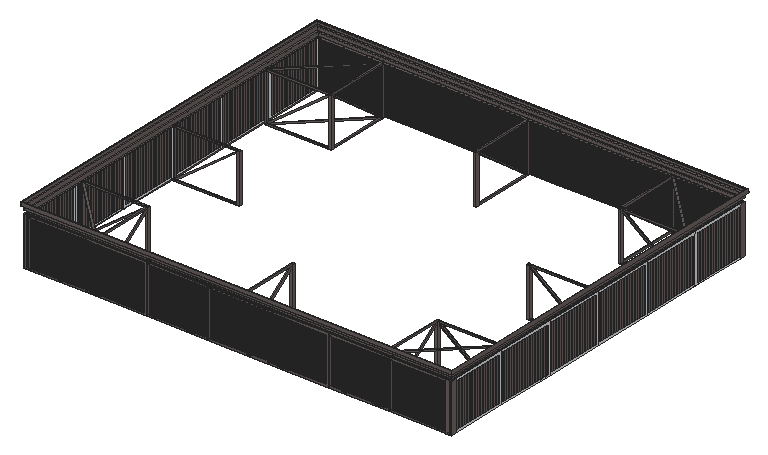
Revit family "Rooftop_Screen-CityScapes-Envisor", category Specialty Equipment, Revit 2021
Family settings
  Round Connector Dimension = Use Diameter
  Part Type = Normal
  Work Plane-Based = No
  Always vertical = Yes
  Cut with Voids When Loaded = No
  Shared = No
  Room Calculation Point = No
Parameters (values of type "4.0 CORRUGATED VERTICAL SOLID")
  URL = "https://cityscapesinc.com/products/envisor"
  Type Comments = "Envisor Screening Systems"
  TopTrim_LinealBand [instance] = no
  TopTrim_Cove [instance] = no
  TopTrim_Alamo [instance] = no
  TopTrim_2Step [instance] = no
  TopRailViz [instance] = no
  TopTrim_3Step [instance] = yes
  System_Width = SpacingWidth * Panel_Length  # 26' - 3"
  System_Length = SpacingLength * Panel_Length  # 22' - 6"
  Specification = "https://www.arcat.com/company/cityscapes-international-inc-40042/spec"
  SpacingWidth = 7
  SpacingLength = 6
  SOLID PANEL VIZ = no
  RIBBED VIZ = no
  RIBBED VERT VIZ = no
  Product Page URL = "https://www.arcat.com/arcatcos/cos40/arc40042.html"
  Panel_Width = 0' - 2"
  Panel_Length = 3' - 9"
  Panel_Height = 3' - 0"
  Model = "Envisor"  # constant formula
  MidpanTrussViz [instance] = yes
  Manufacturer = "CityScapes"  # constant formula
  MATERIAL = DARK BRONZE
  LOUVRE VIZ = no
  Keynote = "10 82 13"
  FRAME WIDTH = 0' - 1 19/128"
  FRAME VIZ = yes
  FRAME MATERIAL = DARK BRONZE
  Description = "Adjustable Rooftop Mechanical Screen"
  Default Elevation = 0' - 0"
  CornerFrameSystemDim = 4' - 0"
  CornerFrameViz [instance] = yes
  Copyright = "© 2023 ARCAT"  # constant formula
  CAD Details = "https://www.arcat.com/company/cityscapes-international-inc-40042/cad"
  BottomRailViz [instance] = no
  BATTEN VIZ = no
  ABS_PANEL = no
  7.2 RIBBED VIZ = no
  7.2 CORRUGATED = no
  7.2 CORR VERT = no
  4.0 CORR VERT = yes
  4.0 CORR HORT = no
Reference planes (in)
  plane 1 "Center (Front/Back)": y = 0
  plane 2 "SystemBase": z = 0
  plane 3 "Center (Left/Right)": x = 0
  plane 4 "SystemRight": x = 157.5
  plane 5 "SystemLeft": x = -157.5
  plane 6 "systemTop": z = 36
  plane 7 "SystemTop": y = 142
  plane 8 "SystemBottom": y = -141
  plane 9 "RailNorth": y = 135
  plane 10 "RailSouth": y = -135
  plane 11: x = -163.5
  plane 12: x = 163.5
  plane 13: y = 85
  plane 14: y = -85
  plane 15: x = -107.5
  plane 16: x = 107.5
  plane 17 "TopRail": z = 36
  plane 18: x = -155.5
  plane 19: x = 155.5
  plane 20 "FrameTop": y = 133
  plane 21 "FrameBottom": y = -133
  plane 22: y = 72
Forms (in)
  Sweep 1, solid, material "DARK BRONZE" <- "FRAME MATERIAL", visible <- "BottomRailViz"
    path in 3D
      loop
        line (-157.5, -135, 0) -> (157.5, -135, 0) -> (157.5, 135, 0) -> (-157.5, 135, 0) -> (-157.5, -135, 0)
    profile "FrameProfile : FrameProfile" origin (-157.5, 0, 0) x (1, 0, 0) y (0, 0, 1)
      loop
        line (2.53176, -0.50789) -> (2.53176, 1.11711) -> (2.2607, 1.11711) -> (2.22617, 0.98825) -> (2.40675, 1.02009) -> (2.40675, -0.38289) -> (1.80676, -0.38289) -> (1.80676, 1.02009) -> (1.98734, 0.98825) -> (1.95281, 1.11711) -> (1.68176, 1.11711) -> (1.68176, -0.38289) -> (0.43176, -0.38289) -> (0.43176, 1.11711) -> (0.1607, 1.11711) -> (0.12618, 0.98825) -> (0.30676, 1.02009) -> (0.30676, -0.38289) -> (-0.29324, -0.38289) -> (-0.29324, 1.02009) -> (-0.11266, 0.98825) -> (-0.14719, 1.11711) -> (-0.41824, 1.11711) -> (-0.41824, -0.50789) -> (1.7464, -0.50789) -> (1.7464, -1.64289) -> (0.66926, -1.64289) -> (0.66926, -1.76793) -> (2.4664, -1.76793) -> (2.4664, -1.67293) -> (1.8714, -1.67293) -> (1.8714, -0.50789) -> (2.53176, -0.50789)
  Sweep 2, solid, material "DARK BRONZE" <- "FRAME MATERIAL", visible <- "TopRailViz"
    path in 3D
      loop
        line (-157.5, 135, 36) -> (157.5, 135, 36) -> (157.5, -135, 36) -> (-157.5, -135, 36) -> (-157.5, 135, 36)
    profile "FrameProfile : FrameProfile" origin (-157.5, 0, 36) x (-1, 0, 0) y (0, 0, 1)
      loop
        line (-2.5552, 0.75789) -> (-2.5552, -0.86711) -> (-2.28414, -0.86711) -> (-2.24961, -0.73825) -> (-2.43019, -0.77009) -> (-2.43019, 0.63289) -> (-1.83019, 0.63289) -> (-1.83019, -0.77009) -> (-2.01078, -0.73825) -> (-1.97625, -0.86711) -> (-1.70519, -0.86711) -> (-1.70519, 0.63289) -> (-0.45519, 0.63289) -> (-0.45519, -0.86711) -> (-0.18414, -0.86711) -> (-0.14961, -0.73825) -> (-0.33019, -0.77009) -> (-0.33019, 0.63289) -> (0.2698, 0.63289) -> (0.2698, -0.77009) -> (0.08922, -0.73825) -> (0.12375, -0.86711) -> (0.3948, -0.86711) -> (0.3948, 0.75789) -> (-1.76984, 0.75789) -> (-1.76984, 1.89289) -> (-0.69269, 1.89289) -> (-0.69269, 2.01793) -> (-2.48984, 2.01793) -> (-2.48984, 1.92293) -> (-1.89484, 1.92293) -> (-1.89484, 0.75789) -> (-2.5552, 0.75789)
  Sweep 3, solid, material "DARK BRONZE" <- "FRAME MATERIAL", visible <- "TopTrim_3Step"
    path in 3D
      loop
        line (-157.5, 135, 36) -> (157.5, 135, 36) -> (157.5, -135, 36) -> (-157.5, -135, 36) -> (-157.5, 135, 36)
    profile "TopProfile_3 Step : TopProfile_3 Step" origin (-157.5, 0, 36) x (-1, 0, 0) y (0, 0, 1)
      loop
        line (-2, 0.09375) -> (-0.25, 0.09375) -> (-0.25, 2.75) -> (1.125, 2.75) -> (1.125, 5.375) -> (2.5625, 5.375) -> (2.5625, 8.0625) -> (2.0625, 8.0625) -> (2.0625, 8.03125) -> (2.53125, 8.03125) -> (2.53125, 5.40625) -> (1.09375, 5.40625) -> (1.09375, 2.78125) -> (-0.28125, 2.78125) -> (-0.28125, 0.125) -> (-2, 0.125) -> (-2, 0.09375)
  Sweep 4, solid, material "DARK BRONZE" <- "FRAME MATERIAL"
    path in 3D
      loop
        line (-157.5, -135, 0) -> (-157.5, -135, 36)
    profile "CornerCapProfile : CornerCapProfile" origin (-157.5, -135, 18) x (-1, 0, 0) y (0, -1, 0)
      loop
        line (1.125, -2.875) -> (1.125, 1.125) -> (-2.875, 1.125) -> (-2.875, 1) -> (1, 1) -> (1, -2.875) -> (1.125, -2.875)
  Sweep 5, solid, material "DARK BRONZE" <- "FRAME MATERIAL"
    path in 3D
      loop
        line (-157.5, 135, 36) -> (-157.5, 135, 0)
    profile "CornerCapProfile : CornerCapProfile" origin (-157.5, 135, 18) x (1, 0, 0) y (0, -1, 0)
      loop
        line (-1.125, 2.875) -> (-1.125, -1.125) -> (2.875, -1.125) -> (2.875, -1) -> (-1, -1) -> (-1, 2.875) -> (-1.125, 2.875)
  Sweep 6, solid, material "DARK BRONZE" <- "FRAME MATERIAL"
    path in 3D
      loop
        line (157.5, 135, 36) -> (157.5, 135, 0)
    profile "CornerCapProfile : CornerCapProfile" origin (157.5, 135, 18) x (1, 0, 0) y (0, -1, 0)
      loop
        line (-2.875, -1.125) -> (1.125, -1.125) -> (1.125, 2.875) -> (1, 2.875) -> (1, -1) -> (-2.875, -1) -> (-2.875, -1.125)
  Sweep 7, solid, material "DARK BRONZE" <- "FRAME MATERIAL"
    path in 3D
      loop
        line (157.5, -135, 0) -> (157.5, -135, 36)
    profile "CornerCapProfile : CornerCapProfile" origin (157.5, -135, 18) x (-1, 0, 0) y (0, -1, 0)
      loop
        line (2.875, 1.125) -> (-1.125, 1.125) -> (-1.125, -2.875) -> (-1, -2.875) -> (-1, 1) -> (2.875, 1) -> (2.875, 1.125)
  Sweep 8, solid, material "DARK BRONZE" <- "FRAME MATERIAL", visible <- "TopTrim_2Step"
    path in 3D
      loop
        line (-157.5, 135, 36) -> (157.5, 135, 36) -> (157.5, -135, 36) -> (-157.5, -135, 36) -> (-157.5, 135, 36)
    profile "TopProfile_2 Step : TopProfile_2 Step" origin (-157.5, 0, 36) x (-1, 0, 0) y (0, 0, 1)
      loop
        line (-1.875, 0) -> (1.125, 0) -> (1.125, 2.75) -> (2.625, 2.75) -> (2.625, 5.5) -> (1.125, 5.5) -> (1.125, 5.46875) -> (2.59375, 5.46875) -> (2.59375, 2.78125) -> (1.09375, 2.78125) -> (1.09375, 0.03125) -> (-1.875, 0.03125) -> (-1.875, 0)
  Sweep 9, solid, material "DARK BRONZE" <- "FRAME MATERIAL", visible <- "TopTrim_Alamo"
    path in 3D
      loop
        line (-157.5, 135, 36) -> (157.5, 135, 36) -> (157.5, -135, 36) -> (-157.5, -135, 36) -> (-157.5, 135, 36)
    profile "TopProfile_Alamo : TopProfile_Alamo" origin (-157.5, 0, 36) x (-1, 0, 0) y (0, 0, 1)
      loop
        line (-1.375, -0.5) -> (-0.125, -0.5) -> (1.43845, 4.58122) -> (1.43845, 5.18748) -> (2.28483, 5.18748) -> (2.28483, 6) -> (1.58723, 6) -> (1.58723, 5.96875) -> (2.25358, 5.96875) -> (2.25358, 5.21873) -> (1.4072, 5.21873) -> (1.4072, 4.58592) -> (-0.14808, -0.46875) -> (-1.375, -0.46875) -> (-1.375, -0.5)
  Sweep 10, solid, material "DARK BRONZE" <- "FRAME MATERIAL", visible <- "TopTrim_Cove"
    path in 3D
      loop
        line (-157.5, 135, 36) -> (157.5, 135, 36) -> (157.5, -135, 36) -> (-157.5, -135, 36) -> (-157.5, 135, 36)
    profile "TopProfile_Cove : TopProfile_Cove" origin (-157.5, 0, 36) x (-1, 0, 0) y (0, 0, 1)
      loop
        line (-1.375, -0.5) -> (-0.10731, -0.5)
        arc (-0.10731, -0.5) -> (-0.06742, 2.25922) -> (1.43845, 4.57164) r 4.96875
        line (1.43845, 4.57164) -> (1.43845, 5.18748) -> (2.28483, 5.18748) -> (2.28483, 6) -> (1.58723, 6) -> (1.58723, 5.96875) -> (2.25358, 5.96875) -> (2.25358, 5.21873) -> (1.4072, 5.21873) -> (1.4072, 4.58592)
        arc (1.4072, 4.58592) -> (-0.09342, 2.28104) -> (-0.14808, -0.46875) r 5
        line (-0.14808, -0.46875) -> (-1.375, -0.46875) -> (-1.375, -0.5)
  Sweep 11, solid, material "DARK BRONZE" <- "FRAME MATERIAL", visible <- "TopTrim_LinealBand"
    path in 3D
      loop
        line (-157.5, 135, 36) -> (157.5, 135, 36) -> (157.5, -135, 36) -> (-157.5, -135, 36) -> (-157.5, 135, 36)
    profile "TopProfile_LinearBand : TopProfile_LinearBand" origin (-157.5, 0, 36) x (-1, 0, 0) y (0, 0, 1)
      loop
        line (-0.375, 1.25) -> (1.125, 1.25) -> (1.125, 2.75) -> (1.125, 4.25) -> (0.875, 4.25) -> (0.875, 4.21875) -> (1.09375, 4.21875) -> (1.09375, 2.78125) -> (1.09375, 1.28125) -> (-0.375, 1.28125) -> (-0.375, 1.25)
Lines and regions (in)
  reference lines, style "System"
    curve 1: line (-157.5, -135, 0) -> (157.5, -135, 0)
    curve 2: line (157.5, 135, 0) -> (-157.5, 135, 0)
    curve 3: line (-157.5, 135, 0) -> (-157.5, -135, 0)
    curve 4: line (157.5, -135, 0) -> (157.5, 135, 0)
  sketch lines
    curve 5: line (-157.5, 135, 0) -> (-157.5, -135, 0)
    curve 6: line (157.5, 135, 0) -> (-157.5, 135, 0)
    curve 7: line (157.5, -135, 0) -> (157.5, 135, 0)
    curve 8: line (-157.5, -135, 0) -> (157.5, -135, 0)
    curve 13: line (-157.5, -135, 36) -> (-157.5, 135, 36)
    curve 14: line (-157.5, 135, 36) -> (157.5, 135, 36)
    curve 15: line (157.5, 135, 36) -> (157.5, -135, 36)
    curve 16: line (157.5, -135, 36) -> (-157.5, -135, 36)
    curve 21: line (-157.5, -135, 36) -> (-157.5, 135, 36)
    curve 22: line (-157.5, 135, 36) -> (157.5, 135, 36)
    curve 23: line (157.5, 135, 36) -> (157.5, -135, 36)
    curve 24: line (157.5, -135, 36) -> (-157.5, -135, 36)
    curve 27: line (-157.5, -135, 0) -> (-157.5, -135, 36)
    curve 30: line (-157.5, 135, 36) -> (-157.5, 135, 0)
    curve 31: line (157.5, 135, 36) -> (157.5, 135, 0)
    curve 32: line (157.5, -135, 0) -> (157.5, -135, 36)
    curve 33: line (-157.5, -135, 36) -> (-157.5, 135, 36)
    curve 34: line (-157.5, 135, 36) -> (157.5, 135, 36)
    curve 35: line (157.5, 135, 36) -> (157.5, -135, 36)
    curve 36: line (157.5, -135, 36) -> (-157.5, -135, 36)
    curve 37: line (-157.5, -135, 36) -> (-157.5, 135, 36)
    curve 38: line (-157.5, 135, 36) -> (157.5, 135, 36)
    curve 39: line (157.5, 135, 36) -> (157.5, -135, 36)
    curve 40: line (157.5, -135, 36) -> (-157.5, -135, 36)
    curve 41: line (-157.5, -135, 36) -> (-157.5, 135, 36)
    curve 42: line (-157.5, 135, 36) -> (157.5, 135, 36)
    curve 43: line (157.5, 135, 36) -> (157.5, -135, 36)
    curve 44: line (157.5, -135, 36) -> (-157.5, -135, 36)
    curve 45: line (-157.5, -135, 36) -> (-157.5, 135, 36)
    curve 46: line (-157.5, 135, 36) -> (157.5, 135, 36)
    curve 47: line (157.5, 135, 36) -> (157.5, -135, 36)
    curve 48: line (157.5, -135, 36) -> (-157.5, -135, 36)
  reference lines, style "SystemFrame"
    curve 9: line (-157.5, 135, 36) -> (157.5, 135, 36)
    curve 10: line (157.5, 135, 36) -> (157.5, -135, 36)
    curve 11: line (157.5, -135, 36) -> (-157.5, -135, 36)
    curve 12: line (-157.5, -135, 36) -> (-157.5, 135, 36)
    curve 19: line (157.5, -135, 36) -> (-157.5, -135, 36)
  reference lines
    curve 17: line (-157.5, 135, 36) -> (157.5, 135, 36)
    curve 18: line (157.5, 135, 36) -> (157.5, -135, 36)
    curve 20: line (-157.5, -135, 36) -> (-157.5, 135, 36)
    curve 25: line (-157.5, -135, 0) -> (-157.5, -135, 36)
    curve 26: line (157.5, -135, 0) -> (157.5, -135, 36)
    curve 28: line (157.5, 135, 36) -> (157.5, 135, 0)
    curve 29: line (-157.5, 135, 36) -> (-157.5, 135, 0)
Text (in)
  text "1. Specify Panel Length\n\tSystem Size Is determined by Panel Sizes.\n2. Specify Panel Height\n\tSystem Height is determined by Panel Sizes.\n3. Specify Corner Brace Diminsion.\n\tDelete formula in Brace family for non-uniform sizes\n4. All Panel Types are adjusted in Visibility Settings.\n\tAll objects besides panels can be turned off.\n5. Adjust Top Profile family and save new to change. " at (-98.75449, 41.77976, 0), in view "Ref. Level"
Dimensions and locks (in)
  "Panel_Height": plane 6 "systemTop" to plane 2 "SystemBase"
  "System_Length": plane 9 "RailNorth" to plane 10 "RailSouth"
  locked: plane 8 "SystemBottom" to plane 10 "RailSouth" at 6
  plane 7 "SystemTop" to plane 9 "RailNorth" = 0' - 7"  (x2)
  locked: plane 4 "SystemRight" to plane 12 at 6
  locked: plane 11 to plane 5 "SystemLeft" at 6
  equal spacing: plane 10 "RailSouth", plane 1 "Center (Front/Back)", plane 9 "RailNorth"  (x2)
  plane 5 "SystemLeft" to plane 3 "Center (Left/Right)" to plane 4 "SystemRight" = 13' - 1 1/2", 13' - 1 1/2"
  plane 16 to plane 19 = 4' - 0"  (x2)
  "Panel_Width": plane 19 to plane 4 "SystemRight"
  "Panel_Width": plane 10 "RailSouth" to plane 21 "FrameBottom"
  "CornerFrameSystemDim": plane 18 to plane 15
  "CornerFrameSystemDim": plane 16 to plane 19
  "Panel_Width": plane 20 "FrameTop" to plane 9 "RailNorth"
  "CornerFrameSystemDim": plane 20 "FrameTop" to plane 13
  "CornerFrameSystemDim": plane 14 to plane 21 "FrameBottom"
  "Panel_Width": plane 5 "SystemLeft" to plane 18
  plane 8 "SystemBottom" to plane 10 "RailSouth" = 0' - 6"
  plane 4 "SystemRight" to plane 12 = 0' - 6"
  plane 11 to plane 5 "SystemLeft" = 0' - 6"
  plane 5 "SystemLeft" to plane 4 "SystemRight" = 26' - 3"
  "System_Width": plane 5 "SystemLeft" to plane 4 "SystemRight"
  equal spacing: plane 5 "SystemLeft", plane 3 "Center (Left/Right)", plane 4 "SystemRight"
  equal spacing: group 1, group 3, group 4, group 5, group 6, group 25, group 2  (x3)
  equal spacing: group 7, group 9, group 10, group 11, group 12, group 26, group 8  (x3)
  equal spacing: group 13, group 15, group 16, group 17, group 23, group 14  (x2)
  equal spacing: group 14, group 23, group 17, group 16, group 15, group 13
  equal spacing: group 18, group 20, group 21, group 22, group 24, group 19  (x3)
  aligned and locked: plane 2 "SystemBase" to level
  aligned and locked: plane 10 "RailSouth" to curve 1
  aligned and locked: curve 2 to plane 9 "RailNorth"
  aligned and locked: plane 4 "SystemRight" to curve 2
  aligned and locked: plane 4 "SystemRight" to curve 4
  aligned and locked: nested 1 to plane 16
  aligned and locked: nested 1 to plane 13
  aligned and locked: plane 16 to nested 2
  aligned and locked: nested 2 to plane 14
  aligned and locked: plane 9 "RailNorth" to curve 9
  aligned and locked: curve 10 to plane 4 "SystemRight"
  aligned and locked: curve 11 to plane 10 "RailSouth"
  aligned and locked: plane 17 "TopRail" to plane 6 "systemTop"
  aligned and locked: nested 3 to plane 15
  aligned and locked: plane 13 to nested 3
  aligned and locked: plane 14 to nested 4
  aligned and locked: plane 15 to nested 4
  aligned and locked: plane 5 "SystemLeft" to curve 25
  aligned and locked: plane 17 "TopRail" to curve 25
  aligned and locked: plane 2 "SystemBase" to curve 25
  aligned and locked: plane 4 "SystemRight" to curve 26
  aligned and locked: curve 26 to plane 17 "TopRail"
  aligned and locked: plane 2 "SystemBase" to curve 26
  aligned and locked: plane 5 "SystemLeft" to curve 29
  aligned and locked: curve 29 to plane 17 "TopRail"
  aligned and locked: curve 29 to plane 2 "SystemBase"
  aligned and locked: plane 4 "SystemRight" to curve 28
  aligned and locked: plane 17 "TopRail" to curve 28
  aligned and locked: plane 2 "SystemBase" to curve 28
  aligned and locked: plane 10 "RailSouth" to nested 5
  aligned and locked: plane 5 "SystemLeft" to nested 5
  aligned and locked: plane 4 "SystemRight" to nested 9
  aligned and locked: plane 10 "RailSouth" to nested 9
  aligned and locked: nested 7 to plane 9 "RailNorth"
  aligned and locked: nested 7 to plane 5 "SystemLeft"
  aligned and locked: nested 14 to plane 4 "SystemRight"
  aligned and locked: nested 14 to plane 9 "RailNorth"
  aligned and locked: nested 8 to plane 5 "SystemLeft"
  aligned and locked: plane 9 "RailNorth" to nested 8
  aligned and locked: plane 10 "RailSouth" to nested 19
  aligned and locked: nested 19 to plane 5 "SystemLeft"
  aligned and locked: plane 4 "SystemRight" to nested 6
  aligned and locked: nested 6 to plane 10 "RailSouth"
  aligned and locked: nested 23 to plane 9 "RailNorth"
  aligned and locked: plane 4 "SystemRight" to nested 23
  aligned and locked: nested 27 to plane 20 "FrameTop"
  aligned and locked: nested 27 to plane 3 "Center (Left/Right)"
  aligned and locked: nested 30 to plane 1 "Center (Front/Back)"
  aligned and locked: plane 15 to nested 30
  aligned and locked: nested 28 to plane 3 "Center (Left/Right)"
  aligned and locked: nested 28 to plane 14
  aligned and locked: nested 29 to plane 1 "Center (Front/Back)"
  aligned and locked: nested 29 to plane 16
Automatic sketch dimensions
  curve 17 to plane 4 "SystemRight" = 0' - 0"
  curve 17 to plane 5 "SystemLeft" = 0' - 0"
  plane 9 "RailNorth" to curve 17 = 0' - 0"
  plane 10 "RailSouth" to curve 20 = 0' - 0"
  curve 11 to plane 5 "SystemLeft" = 0' - 0"
  curve 1 to plane 5 "SystemLeft" = 0' - 0"
Nested families (in)
  nested 1: "CornerWeldment" at (131.5, 109, 0) x (0, 1, 0) z (0, 0, 1), visible <- "CornerFrameViz", type "CornerWeldment"
  nested 2: "CornerWeldment" at (131.5, -109, 0) x (0, -1, 0) z (0, 0, 1), visible <- "CornerFrameViz", type "CornerWeldment"
  nested 3: "CornerWeldment" at (-131.5, 109, 0) x (-1, 0, 0) z (0, 0, 1), visible <- "CornerFrameViz", type "CornerWeldment"
  nested 4: "CornerWeldment" at (-131.5, -109, 0) x (0, -1, 0) z (0, 0, 1), visible <- "CornerFrameViz", type "CornerWeldment"
  nested 5: "Panel" at (-135, -134.875, 0) x (0, -1, 0) z (0, 0, 1), FRAME MATERIAL <- "FRAME MATERIAL", type "Envisor_MechScreen_Horizontal"
    with FRAME MATERIAL DARK BRONZE
  nested 6: "Panel" at (157.375, -112.5, 0), type "Envisor_MechScreen_Horizontal"
    with FRAME MATERIAL none
  nested 7: "Panel" at (-135, 134.875, 0) x (0, 1, 0) z (0, 0, 1), type "Envisor_MechScreen_Horizontal"
    with FRAME MATERIAL none
  nested 8: "Panel" at (-157.375, 112.5, 0) x (-1, 0, 0) z (0, 0, 1), type "Envisor_MechScreen_Horizontal"
    with FRAME MATERIAL none
  nested 9: "Panel" at (135, -134.875, 0) x (0, -1, 0) z (0, 0, 1), FRAME MATERIAL <- "FRAME MATERIAL", type "Envisor_MechScreen_Horizontal"
    with FRAME MATERIAL DARK BRONZE
  nested 10: "Panel" at (-90, -134.875, 0) x (0, -1, 0) z (0, 0, 1), FRAME MATERIAL <- "FRAME MATERIAL", type "Envisor_MechScreen_Horizontal"
    with FRAME MATERIAL DARK BRONZE
  nested 11: "Panel" at (-45, -134.875, 0) x (0, -1, 0) z (0, 0, 1), FRAME MATERIAL <- "FRAME MATERIAL", type "Envisor_MechScreen_Horizontal"
    with FRAME MATERIAL DARK BRONZE
  nested 12: "Panel" at (0, -134.875, 0) x (0, -1, 0) z (0, 0, 1), FRAME MATERIAL <- "FRAME MATERIAL", type "Envisor_MechScreen_Horizontal"
    with FRAME MATERIAL DARK BRONZE
  nested 13: "Panel" at (45, -134.875, 0) x (0, -1, 0) z (0, 0, 1), FRAME MATERIAL <- "FRAME MATERIAL", type "Envisor_MechScreen_Horizontal"
    with FRAME MATERIAL DARK BRONZE
  nested 14: "Panel" at (135, 134.875, 0) x (0, 1, 0) z (0, 0, 1), type "Envisor_MechScreen_Horizontal"
    with FRAME MATERIAL none
  nested 15: "Panel" at (-90, 134.875, 0) x (0, 1, 0) z (0, 0, 1), type "Envisor_MechScreen_Horizontal"
    with FRAME MATERIAL none
  nested 16: "Panel" at (-45, 134.875, 0) x (0, 1, 0) z (0, 0, 1), type "Envisor_MechScreen_Horizontal"
    with FRAME MATERIAL none
  nested 17: "Panel" at (0, 134.875, 0) x (0, 1, 0) z (0, 0, 1), type "Envisor_MechScreen_Horizontal"
    with FRAME MATERIAL none
  nested 18: "Panel" at (45, 134.875, 0) x (0, 1, 0) z (0, 0, 1), type "Envisor_MechScreen_Horizontal"
    with FRAME MATERIAL none
  nested 19: "Panel" at (-157.375, -112.5, 0) x (-1, 0, 0) z (0, 0, 1), type "Envisor_MechScreen_Horizontal"
    with FRAME MATERIAL none
  nested 20: "Panel" at (-157.375, 67.5, 0) x (-1, 0, 0) z (0, 0, 1), type "Envisor_MechScreen_Horizontal"
    with FRAME MATERIAL none
  nested 21: "Panel" at (-157.375, 22.5, 0) x (-1, 0, 0) z (0, 0, 1), type "Envisor_MechScreen_Horizontal"
    with FRAME MATERIAL none
  nested 22: "Panel" at (-157.375, -22.5, 0) x (-1, 0, 0) z (0, 0, 1), type "Envisor_MechScreen_Horizontal"
    with FRAME MATERIAL none
  nested 23: "Panel" at (157.375, 112.5, 0), type "Envisor_MechScreen_Horizontal"
    with FRAME MATERIAL none
  nested 24: "Panel" at (157.375, -67.5, 0), type "Envisor_MechScreen_Horizontal"
    with FRAME MATERIAL none
  nested 25: "Panel" at (157.375, -22.5, 0), type "Envisor_MechScreen_Horizontal"
    with FRAME MATERIAL none
  nested 26: "Panel" at (157.375, 22.5, 0), type "Envisor_MechScreen_Horizontal"
    with FRAME MATERIAL none
  nested 27: "MidspanTruss" at (0, 109, 0) x (-1, 0, 0) z (0, 0, 1), visible <- "MidpanTrussViz", type "MidspanTruss"
  nested 28: "MidspanTruss" at (0, -109, 0), visible <- "MidpanTrussViz", type "MidspanTruss"
  nested 29: "MidspanTruss" at (131.5, 0, 0) x (0, 1, 0) z (0, 0, 1), visible <- "MidpanTrussViz", type "MidspanTruss"
  nested 30: "MidspanTruss" at (-131.5, 0, 0) x (0, -1, 0) z (0, 0, 1), visible <- "MidpanTrussViz", type "MidspanTruss"
  nested 31: "Panel" at (-157.375, -67.5, 0) x (-1, 0, 0) z (0, 0, 1), type "Envisor_MechScreen_Horizontal"
    with FRAME MATERIAL none
  nested 32: "Panel" at (157.375, 67.5, 0), type "Envisor_MechScreen_Horizontal"
    with FRAME MATERIAL none
  nested 33: "Panel" at (90, -134.875, 0) x (0, -1, 0) z (0, 0, 1), FRAME MATERIAL <- "FRAME MATERIAL", type "Envisor_MechScreen_Horizontal"
    with FRAME MATERIAL DARK BRONZE
  nested 34: "Panel" at (90, 134.875, 0) x (0, 1, 0) z (0, 0, 1), type "Envisor_MechScreen_Horizontal"
    with FRAME MATERIAL none
Definition of nested family "CornerWeldment"
  Parameters (values of type "CornerWeldment")
    FrameMetalViz = yes
    Default Elevation = 0' - 0"
    CornerSystemWidth = 4' - 0"
    CornerSystemLength = CornerSystemWidth  # 4' - 0"
    CornerSystemHeight = 4' - 0"
    CornerFrameMaterial = none
  Reference planes (in)
    plane 1 "Center (Front/Back)": y = 0
    plane 2: z = 0
    plane 3 "Center (Left/Right)": x = 0
    plane 4 "Top": y = 24
    plane 5 "Right": x = 24
    plane 6 "Bottom": y = -24
    plane 7 "Left": x = -24
    plane 8 "SystemTop": z = 48
    plane 9 "angle": through (37.39854, 37.39854, 72) normal (0.7071, -0.7071, 0)
  Forms (in)
    Sweep 1, solid, material <- "CornerFrameMaterial", visible <- "FrameMetalViz"
      path in 3D
        loop
          line (-24, -24, 48) -> (-24, -24, 0)
      profile "MetalBraceProfile : MetalBraceProfile" origin (-24, -24, 24) x (-1, 0, 0) y (0, 1, 0)
        loop
          line (-0.5, 0.5) -> (-0.5, -0.5) -> (0.5, -0.5) -> (0.5, 0.5) -> (-0.5, 0.5)
    Sweep 2, solid, material <- "CornerFrameMaterial", visible <- "FrameMetalViz"
      path in 3D
        loop
          line (-24, 24, 48) -> (-24, 24, 0)
      profile "MetalBraceProfile_Main : MetalBraceProfile_Main" origin (-24, 24, 24) x (-1, 0, 0) y (0, 1, 0)
        loop
          line (-1, 1) -> (-1, -1) -> (1, -1) -> (1, 1) -> (-1, 1)
    Sweep 3, solid, material <- "CornerFrameMaterial", visible <- "FrameMetalViz"
      path in 3D
        loop
          line (24, 24, 48) -> (24, 24, 0)
      profile "MetalBraceProfile : MetalBraceProfile" origin (24, 24, 24) x (-1, 0, 0) y (0, 1, 0)
        loop
          line (-0.5, 0.5) -> (-0.5, -0.5) -> (0.5, -0.5) -> (0.5, 0.5) -> (-0.5, 0.5)
    Sweep 4, solid, material <- "CornerFrameMaterial", visible <- "FrameMetalViz"
      path in 3D
        loop
          line (-24, -24, 48) -> (24, 24, 48)
      profile "MetalBraceProfile : MetalBraceProfile" origin (0, 0, 48) x (-0.707107, 0.707107, 0) y (0, 0, 1)
        loop
          line (-0.5, 0.5) -> (-0.5, -0.5) -> (0.5, -0.5) -> (0.5, 0.5) -> (-0.5, 0.5)
    Sweep 5, solid, material <- "CornerFrameMaterial", visible <- "FrameMetalViz"
      path in 3D
        loop
          line (-24, 24, 48) -> (24, 24, 48)
      profile "MetalBraceProfile : MetalBraceProfile" origin (0, 24, 48) x (0, 1, 0) y (0, 0, 1)
        loop
          line (-0.5, 0.5) -> (-0.5, -0.5) -> (0.5, -0.5) -> (0.5, 0.5) -> (-0.5, 0.5)
    Sweep 6, solid, material <- "CornerFrameMaterial", visible <- "FrameMetalViz"
      path in 3D
        loop
          line (-24, 24, 48) -> (-24, -24, 48)
      profile "MetalBraceProfile : MetalBraceProfile" origin (-24, 0, 48) x (1, 0, 0) y (0, 0, 1)
        loop
          line (-0.5, 0.5) -> (-0.5, -0.5) -> (0.5, -0.5) -> (0.5, 0.5) -> (-0.5, 0.5)
    Sweep 7, solid, material <- "CornerFrameMaterial", visible <- "FrameMetalViz"
      path in 3D
        loop
          line (24, 24, 0) -> (-24, 24, 0)
      profile "MetalBraceProfile : MetalBraceProfile" origin (0, 24, 0) x (0, -1, 0) y (0, 0, 1)
        loop
          line (-0.5, 0.5) -> (-0.5, -0.5) -> (0.5, -0.5) -> (0.5, 0.5) -> (-0.5, 0.5)
    Sweep 8, solid, material <- "CornerFrameMaterial", visible <- "FrameMetalViz"
      path in 3D
        loop
          line (-24, 24, 0) -> (-24, -24, 0)
      profile "MetalBraceProfile : MetalBraceProfile" origin (-24, 0, 0) x (1, 0, 0) y (0, 0, 1)
        loop
          line (-0.5, 0.5) -> (-0.5, -0.5) -> (0.5, -0.5) -> (0.5, 0.5) -> (-0.5, 0.5)
    Sweep 9, solid, material <- "CornerFrameMaterial", visible <- "FrameMetalViz"
      path in 3D
        loop
          line (24, 24, 0) -> (-24, -24, 0)
      profile "MetalBraceProfile : MetalBraceProfile" origin (0, 0, 0) x (0.707107, -0.707107, 0) y (0, 0, 1)
        loop
          line (-0.5, 0.5) -> (-0.5, -0.5) -> (0.5, -0.5) -> (0.5, 0.5) -> (-0.5, 0.5)
    Sweep 10, solid, material <- "CornerFrameMaterial", visible <- "FrameMetalViz"
      path in 3D
        loop
          line (-24, 24, 48) -> (24, 24, 0)
      profile "MetalBraceProfile : MetalBraceProfile" origin (0, 24, 24) x (-0.707107, 0, -0.707107) y (0, 1, 0)
        loop
          line (-0.5, 0.5) -> (-0.5, -0.5) -> (0.5, -0.5) -> (0.5, 0.5) -> (-0.5, 0.5)
    Sweep 11, solid, material <- "CornerFrameMaterial", visible <- "FrameMetalViz"
      path in 3D
        loop
          line (-24, 24, 48) -> (-24, -24, 0)
      profile "MetalBraceProfile : MetalBraceProfile" origin (-24, 0, 24) x (0, 0.707107, -0.707107) y (1, 0, 0)
        loop
          line (-0.5, 0.5) -> (-0.5, -0.5) -> (0.5, -0.5) -> (0.5, 0.5) -> (-0.5, 0.5)
  Lines and regions (in)
    reference lines
      curve 1: line (-24, 24, 48) -> (-24, 24, 0)
      curve 2: line (24, 24, 48) -> (24, 24, 0)
      curve 3: line (24, -24, 48) -> (24, -24, 0)
      curve 4: line (-24, -24, 48) -> (-24, -24, 0)
      curve 8: line (-24, -24, 48) -> (24, 24, 48)
      curve 10: line (-24, 24, 48) -> (24, 24, 48)
      curve 12: line (-24, 24, 48) -> (-24, -24, 48)
      curve 14: line (24, 24, 0) -> (-24, 24, 0)
      curve 15: line (-24, 24, 0) -> (-24, -24, 0)
      curve 16: line (-24, -24, 0) -> (24, -24, 0)
      curve 17: line (24, 24, 0) -> (-24, -24, 0)
      curve 21: line (-24, 24, 48) -> (24, 24, 0)
      curve 22: line (-24, 24, 48) -> (-24, -24, 0)
    sketch lines
      curve 5: line (-24, -24, 48) -> (-24, -24, 0)
      curve 6: line (-24, 24, 48) -> (-24, 24, 0)
      curve 7: line (24, 24, 48) -> (24, 24, 0)
      curve 9: line (-24, -24, 48) -> (24, 24, 48)
      curve 11: line (-24, 24, 48) -> (24, 24, 48)
      curve 13: line (-24, 24, 48) -> (-24, -24, 48)
      curve 18: line (24, 24, 0) -> (-24, 24, 0)
      curve 19: line (-24, 24, 0) -> (-24, -24, 0)
      curve 20: line (24, 24, 0) -> (-24, -24, 0)
      curve 23: line (-24, 24, 48) -> (24, 24, 0)
      curve 24: line (-24, 24, 48) -> (-24, -24, 0)
  Dimensions and locks (in)
    equal spacing: plane 7 "Left", plane 3 "Center (Left/Right)", plane 5 "Right"
    equal spacing: plane 4 "Top", plane 1 "Center (Front/Back)", plane 6 "Bottom"
    "CornerSystemWidth": plane 7 "Left" to plane 5 "Right"
    "CornerSystemLength": plane 4 "Top" to plane 6 "Bottom"
    "CornerSystemHeight": plane 8 "SystemTop" to plane 2
    aligned and locked: plane 2 to level
    aligned and locked: curve 1 to plane 7 "Left"
    aligned and locked: plane 8 "SystemTop" to curve 1
    aligned and locked: plane 2 to curve 1
    aligned and locked: curve 2 to plane 5 "Right"
    aligned and locked: plane 8 "SystemTop" to curve 2
    aligned and locked: plane 2 to curve 2
    aligned and locked: plane 5 "Right" to curve 3  (x2)
    aligned and locked: plane 2 to curve 3
    aligned and locked: plane 8 "SystemTop" to curve 3
    aligned and locked: plane 7 "Left" to curve 4  (x2)
    aligned and locked: plane 8 "SystemTop" to curve 4
    aligned and locked: plane 2 to curve 4
    aligned and locked: plane 6 "Bottom" to curve 4
    aligned and locked: plane 4 "Top" to curve 2
    aligned and locked: plane 5 "Right" to curve 2
    aligned and locked: plane 4 "Top" to curve 8
    aligned and locked: plane 5 "Right" to curve 8
    aligned and locked: plane 6 "Bottom" to curve 8
    aligned and locked: curve 10 to plane 4 "Top"
    aligned and locked: curve 12 to plane 7 "Left"
    aligned and locked: curve 16 to plane 6 "Bottom"
    aligned and locked: curve 15 to plane 7 "Left"
    aligned and locked: plane 7 "Left" to curve 1
    aligned and locked: plane 4 "Top" to curve 1
    aligned and locked: plane 6 "Bottom" to curve 3
    aligned and locked: plane 4 "Top" to curve 17
    aligned and locked: plane 5 "Right" to curve 17
    aligned and locked: plane 7 "Left" to curve 17
    aligned and locked: plane 4 "Top" to curve 10
    aligned and locked: plane 8 "SystemTop" to curve 10
    aligned and locked: plane 6 "Bottom" to curve 16
    aligned and locked: plane 2 to curve 16
    aligned and locked: plane 9 "angle" to curve 8
  Automatic sketch dimensions
    curve 16 to plane 5 "Right" = 0' - 0"
    curve 22 to level = 0' - 0"
    curve 22 to plane 6 "Bottom" = 0' - 0"
    curve 22 to plane 4 "Top" = 0' - 0"
    curve 22 to plane 8 "SystemTop" = 0' - 0"
Definition of nested family "Panel"
  Parameters (values of type "Envisor_MechScreen_Panel")
    SOLID PANEL VIZ = no
    SOLID PANEL DEPTH = 0' - 1"
    RIBBED VIZ = no
    RIBBED VERTICAL SPACING = rounddown(Panel_Length / 0' 2")  # 22
    RIBBED VERT VIZ = no
    Panel_Width = 0' - 2"
    Panel_Length = 3' - 9"
    Panel_Height = 4' - 0"
    PanelTrimDepth = 0' - 1"
    MATERIAL = none
    LOUVRE VIZ = no
    LOUVER SPACING = rounddown(Panel_Height / 0' 0 3/4")  # 64
    FRAME VIZ = yes
    FRAME WIDTH = 0' - 1 1/4"
    FRAME MATERIAL [instance] = none
    FRAME DEPTH = 0' - 1 1/4"
    Default Elevation = 0' - 0"
    BATTEN VIZ = no
    BATTEN SPACING = roundup(Panel_Length / 0' 8")  # 6
    ABS_PANEL = no
    7.2 RIBBED VIZ = no
    7.2 CORRUGATED = yes
    7.2 CORR VERT SPACING = rounddown(Panel_Length / 0' 4")  # 11
    7.2 CORR VERT = no
    7.2 COR SPACING = rounddown(Panel_Height / 0' 2 1/2")  # 19
    4.0 CORR VERT SPACING = rounddown(Panel_Length / 0' 1 1/2")  # 30
    4.0 CORR VERT = no
    4.0 CORR HORT = no
    4.0 COR SPACING = rounddown(Panel_Height / 0' 2 1/4")  # 21
  Reference planes (in)
    plane 1 "Center (Front/Back)": y = 0
    plane 2: z = 0
    plane 3 "Center (Left/Right)": x = 0
    plane 4 "FrameLeft": y = 22.5
    plane 5 "FrameRight": y = -22.5
    plane 6 "top": z = 48
    plane 7 "FrameLeftFace": y = 21.25
    plane 8 "FrameRightFace": y = -21.25
    plane 9 "framebottom": z = 46.75
    plane 10: z = 1.25
    plane 11: z = 34.5
    plane 12: x = 0.125
    plane 13: x = -0.125
    plane 14: x = 1.25
    plane 15: x = 1
  Forms (in)
    Extrusion 1, solid, material <- "MATERIAL"
      sketch origin (0.03125, 0, 0.00188) x (1, 0, 0) y (0, 0, 1)
        loop
          line (0.09375, 48.5) -> (-0.15625, 48.5) -> (-0.15625, 47.99812) -> (0.09375, 47.99812) -> (0.09375, 48.5)
      from -22.5 to 22.5
    Extrusion 2, solid, material <- "MATERIAL"
      sketch origin (0.03125, 0, -48.5) x (1, 0, 0) y (0, 0, 1)
        loop
          line (0.09375, 48.5) -> (-0.15625, 48.5) -> (-0.15625, 47.99812) -> (0.09375, 47.99812) -> (0.09375, 48.5)
      from -22.5 to 22.5
    Extrusion 3, solid, material <- "MATERIAL", visible <- "ABS_PANEL"
      sketch origin (0, 0, 0) x (0, 1, 0) y (0, 0, 1)
        loop
          line (22.5, 0) -> (22.5, 48) -> (-22.5, 48) -> (-22.5, 0) -> (22.5, 0)
      from -0.125 to 0.125
    Extrusion 4, solid, material <- "FRAME MATERIAL", visible <- "FRAME VIZ"
      sketch origin (0, 0, 0) x (0, 1, 0) y (0, 0, 1)
        loop
          line (22.5, 0) -> (22.5, 48) -> (-22.5, 48) -> (-22.5, 0) -> (22.5, 0)
        loop
          line (21.25, 46.75) -> (-21.25, 46.75) -> (-21.25, 1.25) -> (21.25, 1.25) -> (21.25, 46.75)
      from 0 to 1.25
    Extrusion 5, solid, material <- "MATERIAL", visible <- "SOLID PANEL VIZ"
      sketch origin (0, 0, 0) x (0, 1, 0) y (0, 0, 1)
        loop
          line (22.5, 48) -> (-22.5, 48) -> (-22.5, 0) -> (22.5, 0) -> (22.5, 48)
      from 0 to 1
  Text (in)
    text "EXTERIOR" at (58.92048, 7.19966, 0), in view "Ref. Level"
  Dimensions and locks (in)
    "Panel_Length": plane 4 "FrameLeft" to plane 5 "FrameRight"
    equal spacing: plane 4 "FrameLeft", plane 1 "Center (Front/Back)", plane 5 "FrameRight"
    "FRAME WIDTH": plane 6 "top" to plane 9 "framebottom"
    "FRAME WIDTH": plane 4 "FrameLeft" to plane 7 "FrameLeftFace"
    "FRAME WIDTH": plane 8 "FrameRightFace" to plane 5 "FrameRight"
    "FRAME WIDTH": plane 10 to plane 2
    Extrusion 1 sketch curve to Extrusion 1 sketch curve = 0' - 0 1/4"  (x2)
    Extrusion 2 sketch curve to Extrusion 2 sketch curve = 0' - 0 1/4"  (x2)
    plane 9 "framebottom" to plane 10 = 3' - 9 1/2"
    plane 8 "FrameRightFace" to plane 7 "FrameLeftFace" = 3' - 6 1/2"
    plane 4 "FrameLeft" to plane 5 "FrameRight" = 3' - 9"
    equal spacing: group 1, group 3, group 4, group 5, group 6, group 7, group 8, group 9, group 10, group 11, group 12, group 13, group 14, group 15, group 16, group 107, group 108, group 109, group 2  (x3)
    equal spacing: group 17, group 19, group 20, group 21, group 22, group 23, group 24, group 25, group 26, group 27, group 28, group 29, group 30, group 31, group 32, group 33, group 110, group 111, group 112, group 113, group 18  (x3)
    equal spacing: group 34, group 36, group 37, group 38, group 39, group 40, group 41, group 42, group 43, group 44, group 45, group 46, group 47, group 48, group 49, group 50, group 51, group 52, group 53, group 54, group 55, group 56, group 57, group 58, group 59, group 60, group 61, group 62, group 63, group 64, group 65, group 66, group 67, group 68, group 69, group 70, group 71, group 72, group 73, group 74, group 75, group 76, group 77, group 78, group 79, group 80, group 81, group 82, group 83, group 84, group 85, group 86, group 114, group 115, group 116, group 117, group 118, group 119, group 120, group 121, group 122, group 123, group 124, group 35  (x3)
    equal spacing: group 87, group 89, group 90, group 91, group 92, group 93, group 94, group 95, group 96, group 88  (x3)
    equal spacing: group 97, group 99, group 100, group 101, group 102, group 103, group 104, group 105, group 106, group 98  (x3)
    "FRAME DEPTH": plane 14 to plane 3 "Center (Left/Right)"
    equal spacing: plane 12, plane 3 "Center (Left/Right)", plane 13
    "Panel_Height": plane 6 "top" to plane 2
    equal spacing: group 125, group 127, group 128, group 129, group 130, group 131, group 132, group 133, group 134, group 135, group 136, group 137, group 138, group 139, group 140, group 141, group 142, group 143, group 144, group 145, group 146, group 126  (x3)
    equal spacing: group 147, group 149, group 150, group 151, group 152, group 148  (x3)
    equal spacing: group 153, group 155, group 156, group 157, group 158, group 159, group 160, group 161, group 162, group 163, group 154  (x3)
    equal spacing: group 164, group 166, group 167, group 168, group 169, group 170, group 171, group 172, group 173, group 174, group 175, group 176, group 177, group 178, group 179, group 180, group 181, group 182, group 183, group 184, group 185, group 186, group 187, group 188, group 189, group 190, group 191, group 192, group 193, group 165  (x3)
    "SOLID PANEL DEPTH": plane 15 to plane 3 "Center (Left/Right)"
    aligned and locked: plane 2 to level
    aligned and locked: Extrusion 1 to plane 6 "top"
    aligned and locked: plane 2 to Extrusion 2  (x2)
    aligned and locked: plane 4 "FrameLeft" to Extrusion 4 sketch curve
    aligned and locked: plane 6 "top" to Extrusion 4 sketch curve
    aligned and locked: plane 5 "FrameRight" to Extrusion 4 sketch curve
    aligned and locked: plane 2 to Extrusion 4 sketch curve
    aligned and locked: plane 7 "FrameLeftFace" to Extrusion 4 sketch curve
    aligned and locked: plane 9 "framebottom" to Extrusion 4 sketch curve
    aligned and locked: plane 8 "FrameRightFace" to Extrusion 4 sketch curve
    aligned and locked: plane 10 to Extrusion 4 sketch curve
    aligned and locked: plane 12 to Extrusion 3
    aligned and locked: Extrusion 3 to Extrusion 1
    aligned and locked: Extrusion 1 to Extrusion 3
    aligned and locked: Extrusion 2 to Extrusion 3
    aligned and locked: Extrusion 3 to Extrusion 2
    aligned and locked: plane 6 "top" to Extrusion 3
    aligned and locked: Extrusion 3 to plane 2
    aligned and locked: plane 4 "FrameLeft" to Extrusion 3
    aligned and locked: Extrusion 3 to plane 5 "FrameRight"
    aligned and locked: nested 1 to plane 12
    aligned and locked: plane 4 "FrameLeft" to Extrusion 1
    aligned and locked: Extrusion 1 to plane 5 "FrameRight"
    aligned and locked: Extrusion 2 to plane 5 "FrameRight"
    aligned and locked: plane 4 "FrameLeft" to Extrusion 2
    aligned and locked: plane 4 "FrameLeft" to nested 1
    aligned and locked: plane 5 "FrameRight" to nested 1
    aligned and locked: nested 1 to plane 2
    aligned and locked: plane 6 "top" to nested 4
    aligned and locked: nested 4 to plane 12
    aligned and locked: nested 19 to plane 10
    aligned and locked: nested 19 to plane 12
    aligned and locked: plane 9 "framebottom" to nested 20
    aligned and locked: nested 20 to plane 12
    aligned and locked: plane 4 "FrameLeft" to nested 20
    aligned and locked: plane 4 "FrameLeft" to nested 19  (x2)
    aligned and locked: nested 20 to plane 5 "FrameRight"
    aligned and locked: nested 19 to plane 5 "FrameRight"
    aligned and locked: nested 36 to plane 2
    aligned and locked: nested 36 to plane 12
    aligned and locked: plane 4 "FrameLeft" to nested 36
    aligned and locked: nested 36 to plane 5 "FrameRight"
    aligned and locked: plane 6 "top" to nested 37
    aligned and locked: nested 37 to plane 5 "FrameRight"
    aligned and locked: plane 4 "FrameLeft" to nested 37
    aligned and locked: plane 4 "FrameLeft" to nested 3
    aligned and locked: nested 3 to plane 5 "FrameRight"
    aligned and locked: nested 3 to plane 12
    aligned and locked: nested 3 to plane 2
    aligned and locked: plane 6 "top" to nested 89
    aligned and locked: nested 89 to plane 12
    aligned and locked: plane 4 "FrameLeft" to nested 89
    aligned and locked: plane 5 "FrameRight" to nested 89
    aligned and locked: nested 2 to plane 10
    aligned and locked: nested 2 to plane 12
    aligned and locked: plane 5 "FrameRight" to nested 2
    aligned and locked: plane 4 "FrameLeft" to nested 2
    aligned and locked: plane 9 "framebottom" to nested 98
    aligned and locked: nested 98 to plane 12
    aligned and locked: nested 98 to plane 5 "FrameRight"
    aligned and locked: plane 4 "FrameLeft" to nested 98  (x2)
    aligned and locked: plane 14 to Extrusion 4
    aligned and locked: plane 5 "FrameRight" to nested 98
    aligned and locked: plane 5 "FrameRight" to nested 19
    aligned and locked: nested 125 to plane 12
    aligned and locked: plane 5 "FrameRight" to nested 125
    aligned and locked: nested 126 to plane 4 "FrameLeft"
    aligned and locked: nested 126 to plane 12
    aligned and locked: nested 125 to plane 5 "FrameRight"
    aligned and locked: plane 4 "FrameLeft" to nested 126
    aligned and locked: plane 6 "top" to nested 126
    aligned and locked: plane 6 "top" to nested 125
    aligned and locked: plane 5 "FrameRight" to nested 147
    aligned and locked: nested 147 to plane 12
    aligned and locked: nested 148 to plane 4 "FrameLeft"
    aligned and locked: nested 148 to plane 12
    aligned and locked: plane 6 "top" to nested 147
    aligned and locked: plane 6 "top" to nested 148
    aligned and locked: plane 4 "FrameLeft" to nested 148
    aligned and locked: nested 147 to plane 5 "FrameRight"
    aligned and locked: plane 8 "FrameRightFace" to nested 153  (x2)
    aligned and locked: nested 153 to plane 12
    aligned and locked: nested 154 to plane 7 "FrameLeftFace"  (x2)
    aligned and locked: nested 154 to plane 12
    aligned and locked: plane 6 "top" to nested 154
    aligned and locked: plane 6 "top" to nested 153
    aligned and locked: nested 164 to plane 5 "FrameRight"  (x2)
    aligned and locked: nested 164 to plane 12
    aligned and locked: plane 4 "FrameLeft" to nested 165
    aligned and locked: nested 165 to plane 12
    aligned and locked: plane 6 "top" to nested 164
    aligned and locked: plane 6 "top" to nested 193
    aligned and locked: plane 6 "top" to Extrusion 5 sketch curve
    aligned and locked: plane 4 "FrameLeft" to Extrusion 5 sketch curve
    aligned and locked: Extrusion 5 sketch curve to plane 2
    aligned and locked: Extrusion 5 sketch curve to plane 5 "FrameRight"
    aligned and locked: Extrusion 4 to plane 3 "Center (Left/Right)"
    aligned and locked: Extrusion 5 to plane 3 "Center (Left/Right)"
    aligned and locked: plane 15 to Extrusion 5
  Automatic sketch dimensions
    Extrusion 1 sketch curve to plane 6 "top" = 0' - 0"
    Extrusion 1 sketch curve to plane 3 "Center (Left/Right)" = 0' - 0 1/8"
    Extrusion 1 sketch curve to Extrusion 1 sketch curve = 0' - 0.50188"
    Extrusion 2 sketch curve to level = 0' - 0"
    Extrusion 2 sketch curve to plane 3 "Center (Left/Right)" = 0' - 0 1/8"
    Extrusion 2 sketch curve to Extrusion 2 sketch curve = 0' - 0.50188"
    plane 5 "FrameRight" to Extrusion 3 sketch curve = 0' - 0"
    Extrusion 3 sketch curve to plane 7 "FrameLeftFace" = 0' - 1 1/4"
    Extrusion 3 sketch curve to plane 6 "top" = 0' - 0"
    level to Extrusion 3 sketch curve = 0' - 0"
  Nested families (in)
    nested 1: "COR HORIZONTAL" at (0.625, 0, 0) x (-1, 0, 0) z (0, 0, 1), Profile_Height <- "Panel_Length", visible <- "7.2 CORRUGATED", type "COR HORIZONTAL"
      with Profile_Height 3' - 9"
    nested 2: "7.2 RIBBED_HORT" at (0.625, 0, 1.25) x (-1, 0, 0) z (0, 0, 1), Profile_Height <- "Panel_Length", visible <- "7.2 RIBBED VIZ", type "7.2 RIBBED_HORT"
      with Profile_RibWidth 0' - 1 1/2", Profile_Height 3' - 9", GAUGE 0' - 0 1/32"
    nested 3: "RIB HORIZONTAL ABS" at (0.625, 0, 0) x (-1, 0, 0) z (0, 0, 1), visible <- "RIBBED VIZ", Profile_Height <- "Panel_Length", type "RIB HORIZONTAL ABS"
      with Profile_RibWidth 0' - 1 1/2", Profile_Height 3' - 9", GAUGE 0' - 0 1/32"
    nested 4: "COR HORIZONTAL" at (0.625, 0, 45.24629) x (-1, 0, 0) z (0, 0, 1), Profile_Height <- "Panel_Length", visible <- "7.2 CORRUGATED", type "COR HORIZONTAL"
      with Profile_Height 3' - 9"
    nested 5: "COR HORIZONTAL" at (0.625, 0, 2.51368) x (-1, 0, 0) z (0, 0, 1), Profile_Height <- "Panel_Length", visible <- "7.2 CORRUGATED", type "COR HORIZONTAL"
      with Profile_Height 3' - 9"
    nested 6: "COR HORIZONTAL" at (0.625, 0, 5.02737) x (-1, 0, 0) z (0, 0, 1), Profile_Height <- "Panel_Length", visible <- "7.2 CORRUGATED", type "COR HORIZONTAL"
      with Profile_Height 3' - 9"
    nested 7: "COR HORIZONTAL" at (0.625, 0, 7.54105) x (-1, 0, 0) z (0, 0, 1), Profile_Height <- "Panel_Length", visible <- "7.2 CORRUGATED", type "COR HORIZONTAL"
      with Profile_Height 3' - 9"
    nested 8: "COR HORIZONTAL" at (0.625, 0, 10.05473) x (-1, 0, 0) z (0, 0, 1), Profile_Height <- "Panel_Length", visible <- "7.2 CORRUGATED", type "COR HORIZONTAL"
      with Profile_Height 3' - 9"
    nested 9: "COR HORIZONTAL" at (0.625, 0, 12.56841) x (-1, 0, 0) z (0, 0, 1), Profile_Height <- "Panel_Length", visible <- "7.2 CORRUGATED", type "COR HORIZONTAL"
      with Profile_Height 3' - 9"
    nested 10: "COR HORIZONTAL" at (0.625, 0, 15.0821) x (-1, 0, 0) z (0, 0, 1), Profile_Height <- "Panel_Length", visible <- "7.2 CORRUGATED", type "COR HORIZONTAL"
      with Profile_Height 3' - 9"
    nested 11: "COR HORIZONTAL" at (0.625, 0, 17.59578) x (-1, 0, 0) z (0, 0, 1), Profile_Height <- "Panel_Length", visible <- "7.2 CORRUGATED", type "COR HORIZONTAL"
      with Profile_Height 3' - 9"
    nested 12: "COR HORIZONTAL" at (0.625, 0, 20.10946) x (-1, 0, 0) z (0, 0, 1), Profile_Height <- "Panel_Length", visible <- "7.2 CORRUGATED", type "COR HORIZONTAL"
      with Profile_Height 3' - 9"
    nested 13: "COR HORIZONTAL" at (0.625, 0, 22.62314) x (-1, 0, 0) z (0, 0, 1), Profile_Height <- "Panel_Length", visible <- "7.2 CORRUGATED", type "COR HORIZONTAL"
      with Profile_Height 3' - 9"
    nested 14: "COR HORIZONTAL" at (0.625, 0, 25.13683) x (-1, 0, 0) z (0, 0, 1), Profile_Height <- "Panel_Length", visible <- "7.2 CORRUGATED", type "COR HORIZONTAL"
      with Profile_Height 3' - 9"
    nested 15: "COR HORIZONTAL" at (0.625, 0, 27.65051) x (-1, 0, 0) z (0, 0, 1), Profile_Height <- "Panel_Length", visible <- "7.2 CORRUGATED", type "COR HORIZONTAL"
      with Profile_Height 3' - 9"
    nested 16: "COR HORIZONTAL" at (0.625, 0, 30.16419) x (-1, 0, 0) z (0, 0, 1), Profile_Height <- "Panel_Length", visible <- "7.2 CORRUGATED", type "COR HORIZONTAL"
      with Profile_Height 3' - 9"
    nested 17: "COR HORIZONTAL" at (0.625, 0, 32.67788) x (-1, 0, 0) z (0, 0, 1), Profile_Height <- "Panel_Length", visible <- "7.2 CORRUGATED", type "COR HORIZONTAL"
      with Profile_Height 3' - 9"
    nested 18: "COR HORIZONTAL" at (0.625, 0, 35.19156) x (-1, 0, 0) z (0, 0, 1), Profile_Height <- "Panel_Length", visible <- "7.2 CORRUGATED", type "COR HORIZONTAL"
      with Profile_Height 3' - 9"
    nested 19: "4.0 CORRUGATED" at (0.625, 0, 1.25) x (-1, 0, 0) z (0, 0, 1), visible <- "4.0 CORR HORT", Profile_Height <- "Panel_Length", type "4.0 CORRUGATED"
      with Profile_Height 3' - 9", GAUGE 0' - 0 1/32"
    nested 20: "4.0 CORRUGATED" at (0.625, 0, 43.75) x (-1, 0, 0) z (0, 0, 1), visible <- "4.0 CORR HORT", Profile_Height <- "Panel_Length", type "4.0 CORRUGATED"
      with Profile_Height 3' - 9", GAUGE 0' - 0 1/32"
    nested 21: "4.0 CORRUGATED" at (0.625, 0, 3.375) x (-1, 0, 0) z (0, 0, 1), visible <- "4.0 CORR HORT", Profile_Height <- "Panel_Length", type "4.0 CORRUGATED"
      with Profile_Height 3' - 9", GAUGE 0' - 0 1/32"
    nested 22: "4.0 CORRUGATED" at (0.625, 0, 5.5) x (-1, 0, 0) z (0, 0, 1), visible <- "4.0 CORR HORT", Profile_Height <- "Panel_Length", type "4.0 CORRUGATED"
      with Profile_Height 3' - 9", GAUGE 0' - 0 1/32"
    nested 23: "4.0 CORRUGATED" at (0.625, 0, 7.625) x (-1, 0, 0) z (0, 0, 1), visible <- "4.0 CORR HORT", Profile_Height <- "Panel_Length", type "4.0 CORRUGATED"
      with Profile_Height 3' - 9", GAUGE 0' - 0 1/32"
    nested 24: "4.0 CORRUGATED" at (0.625, 0, 9.75) x (-1, 0, 0) z (0, 0, 1), visible <- "4.0 CORR HORT", Profile_Height <- "Panel_Length", type "4.0 CORRUGATED"
      with Profile_Height 3' - 9", GAUGE 0' - 0 1/32"
    nested 25: "4.0 CORRUGATED" at (0.625, 0, 11.875) x (-1, 0, 0) z (0, 0, 1), visible <- "4.0 CORR HORT", Profile_Height <- "Panel_Length", type "4.0 CORRUGATED"
      with Profile_Height 3' - 9", GAUGE 0' - 0 1/32"
    nested 26: "4.0 CORRUGATED" at (0.625, 0, 14) x (-1, 0, 0) z (0, 0, 1), visible <- "4.0 CORR HORT", Profile_Height <- "Panel_Length", type "4.0 CORRUGATED"
      with Profile_Height 3' - 9", GAUGE 0' - 0 1/32"
    nested 27: "4.0 CORRUGATED" at (0.625, 0, 16.125) x (-1, 0, 0) z (0, 0, 1), visible <- "4.0 CORR HORT", Profile_Height <- "Panel_Length", type "4.0 CORRUGATED"
      with Profile_Height 3' - 9", GAUGE 0' - 0 1/32"
    nested 28: "4.0 CORRUGATED" at (0.625, 0, 18.25) x (-1, 0, 0) z (0, 0, 1), visible <- "4.0 CORR HORT", Profile_Height <- "Panel_Length", type "4.0 CORRUGATED"
      with Profile_Height 3' - 9", GAUGE 0' - 0 1/32"
    nested 29: "4.0 CORRUGATED" at (0.625, 0, 20.375) x (-1, 0, 0) z (0, 0, 1), visible <- "4.0 CORR HORT", Profile_Height <- "Panel_Length", type "4.0 CORRUGATED"
      with Profile_Height 3' - 9", GAUGE 0' - 0 1/32"
    nested 30: "4.0 CORRUGATED" at (0.625, 0, 22.5) x (-1, 0, 0) z (0, 0, 1), visible <- "4.0 CORR HORT", Profile_Height <- "Panel_Length", type "4.0 CORRUGATED"
      with Profile_Height 3' - 9", GAUGE 0' - 0 1/32"
    nested 31: "4.0 CORRUGATED" at (0.625, 0, 24.625) x (-1, 0, 0) z (0, 0, 1), visible <- "4.0 CORR HORT", Profile_Height <- "Panel_Length", type "4.0 CORRUGATED"
      with Profile_Height 3' - 9", GAUGE 0' - 0 1/32"
    nested 32: "4.0 CORRUGATED" at (0.625, 0, 26.75) x (-1, 0, 0) z (0, 0, 1), visible <- "4.0 CORR HORT", Profile_Height <- "Panel_Length", type "4.0 CORRUGATED"
      with Profile_Height 3' - 9", GAUGE 0' - 0 1/32"
    nested 33: "4.0 CORRUGATED" at (0.625, 0, 28.875) x (-1, 0, 0) z (0, 0, 1), visible <- "4.0 CORR HORT", Profile_Height <- "Panel_Length", type "4.0 CORRUGATED"
      with Profile_Height 3' - 9", GAUGE 0' - 0 1/32"
    nested 34: "4.0 CORRUGATED" at (0.625, 0, 31) x (-1, 0, 0) z (0, 0, 1), visible <- "4.0 CORR HORT", Profile_Height <- "Panel_Length", type "4.0 CORRUGATED"
      with Profile_Height 3' - 9", GAUGE 0' - 0 1/32"
    nested 35: "4.0 CORRUGATED" at (0.625, 0, 33.125) x (-1, 0, 0) z (0, 0, 1), visible <- "4.0 CORR HORT", Profile_Height <- "Panel_Length", type "4.0 CORRUGATED"
      with Profile_Height 3' - 9", GAUGE 0' - 0 1/32"
    nested 36: "LOUVER HORIZONTAL" at (0.625, 0, 0) x (-1, 0, 0) z (0, 0, 1), Profile_Height <- "Panel_Length", visible <- "LOUVRE VIZ", type "LOUVER HORIZONTAL"
      with Profile_RibWidth 0' - 0 1/4", Profile_Height 3' - 9", GAUGE 0' - 0 1/32"
    nested 37: "LOUVER HORIZONTAL" at (0.625, 0, 47.25) x (-1, 0, 0) z (0, 0, 1), Profile_Height <- "Panel_Length", visible <- "LOUVRE VIZ", type "LOUVER HORIZONTAL"
      with Profile_RibWidth 0' - 0 1/4", Profile_Height 3' - 9", GAUGE 0' - 0 1/32"
    nested 38: "LOUVER HORIZONTAL" at (0.625, 0, 0.75) x (-1, 0, 0) z (0, 0, 1), Profile_Height <- "Panel_Length", visible <- "LOUVRE VIZ", type "LOUVER HORIZONTAL"
      with Profile_RibWidth 0' - 0 1/4", Profile_Height 3' - 9", GAUGE 0' - 0 1/32"
    nested 39: "LOUVER HORIZONTAL" at (0.625, 0, 1.5) x (-1, 0, 0) z (0, 0, 1), Profile_Height <- "Panel_Length", visible <- "LOUVRE VIZ", type "LOUVER HORIZONTAL"
      with Profile_RibWidth 0' - 0 1/4", Profile_Height 3' - 9", GAUGE 0' - 0 1/32"
    nested 40: "LOUVER HORIZONTAL" at (0.625, 0, 2.25) x (-1, 0, 0) z (0, 0, 1), Profile_Height <- "Panel_Length", visible <- "LOUVRE VIZ", type "LOUVER HORIZONTAL"
      with Profile_RibWidth 0' - 0 1/4", Profile_Height 3' - 9", GAUGE 0' - 0 1/32"
    nested 41: "LOUVER HORIZONTAL" at (0.625, 0, 3) x (-1, 0, 0) z (0, 0, 1), Profile_Height <- "Panel_Length", visible <- "LOUVRE VIZ", type "LOUVER HORIZONTAL"
      with Profile_RibWidth 0' - 0 1/4", Profile_Height 3' - 9", GAUGE 0' - 0 1/32"
    nested 42: "LOUVER HORIZONTAL" at (0.625, 0, 3.75) x (-1, 0, 0) z (0, 0, 1), Profile_Height <- "Panel_Length", visible <- "LOUVRE VIZ", type "LOUVER HORIZONTAL"
      with Profile_RibWidth 0' - 0 1/4", Profile_Height 3' - 9", GAUGE 0' - 0 1/32"
    nested 43: "LOUVER HORIZONTAL" at (0.625, 0, 4.5) x (-1, 0, 0) z (0, 0, 1), Profile_Height <- "Panel_Length", visible <- "LOUVRE VIZ", type "LOUVER HORIZONTAL"
      with Profile_RibWidth 0' - 0 1/4", Profile_Height 3' - 9", GAUGE 0' - 0 1/32"
    nested 44: "LOUVER HORIZONTAL" at (0.625, 0, 5.25) x (-1, 0, 0) z (0, 0, 1), Profile_Height <- "Panel_Length", visible <- "LOUVRE VIZ", type "LOUVER HORIZONTAL"
      with Profile_RibWidth 0' - 0 1/4", Profile_Height 3' - 9", GAUGE 0' - 0 1/32"
    nested 45: "LOUVER HORIZONTAL" at (0.625, 0, 6) x (-1, 0, 0) z (0, 0, 1), Profile_Height <- "Panel_Length", visible <- "LOUVRE VIZ", type "LOUVER HORIZONTAL"
      with Profile_RibWidth 0' - 0 1/4", Profile_Height 3' - 9", GAUGE 0' - 0 1/32"
    nested 46: "LOUVER HORIZONTAL" at (0.625, 0, 6.75) x (-1, 0, 0) z (0, 0, 1), Profile_Height <- "Panel_Length", visible <- "LOUVRE VIZ", type "LOUVER HORIZONTAL"
      with Profile_RibWidth 0' - 0 1/4", Profile_Height 3' - 9", GAUGE 0' - 0 1/32"
    nested 47: "LOUVER HORIZONTAL" at (0.625, 0, 7.5) x (-1, 0, 0) z (0, 0, 1), Profile_Height <- "Panel_Length", visible <- "LOUVRE VIZ", type "LOUVER HORIZONTAL"
      with Profile_RibWidth 0' - 0 1/4", Profile_Height 3' - 9", GAUGE 0' - 0 1/32"
    nested 48: "LOUVER HORIZONTAL" at (0.625, 0, 8.25) x (-1, 0, 0) z (0, 0, 1), Profile_Height <- "Panel_Length", visible <- "LOUVRE VIZ", type "LOUVER HORIZONTAL"
      with Profile_RibWidth 0' - 0 1/4", Profile_Height 3' - 9", GAUGE 0' - 0 1/32"
    nested 49: "LOUVER HORIZONTAL" at (0.625, 0, 9) x (-1, 0, 0) z (0, 0, 1), Profile_Height <- "Panel_Length", visible <- "LOUVRE VIZ", type "LOUVER HORIZONTAL"
      with Profile_RibWidth 0' - 0 1/4", Profile_Height 3' - 9", GAUGE 0' - 0 1/32"
    nested 50: "LOUVER HORIZONTAL" at (0.625, 0, 9.75) x (-1, 0, 0) z (0, 0, 1), Profile_Height <- "Panel_Length", visible <- "LOUVRE VIZ", type "LOUVER HORIZONTAL"
      with Profile_RibWidth 0' - 0 1/4", Profile_Height 3' - 9", GAUGE 0' - 0 1/32"
    nested 51: "LOUVER HORIZONTAL" at (0.625, 0, 10.5) x (-1, 0, 0) z (0, 0, 1), Profile_Height <- "Panel_Length", visible <- "LOUVRE VIZ", type "LOUVER HORIZONTAL"
      with Profile_RibWidth 0' - 0 1/4", Profile_Height 3' - 9", GAUGE 0' - 0 1/32"
    nested 52: "LOUVER HORIZONTAL" at (0.625, 0, 11.25) x (-1, 0, 0) z (0, 0, 1), Profile_Height <- "Panel_Length", visible <- "LOUVRE VIZ", type "LOUVER HORIZONTAL"
      with Profile_RibWidth 0' - 0 1/4", Profile_Height 3' - 9", GAUGE 0' - 0 1/32"
    nested 53: "LOUVER HORIZONTAL" at (0.625, 0, 12) x (-1, 0, 0) z (0, 0, 1), Profile_Height <- "Panel_Length", visible <- "LOUVRE VIZ", type "LOUVER HORIZONTAL"
      with Profile_RibWidth 0' - 0 1/4", Profile_Height 3' - 9", GAUGE 0' - 0 1/32"
    nested 54: "LOUVER HORIZONTAL" at (0.625, 0, 12.75) x (-1, 0, 0) z (0, 0, 1), Profile_Height <- "Panel_Length", visible <- "LOUVRE VIZ", type "LOUVER HORIZONTAL"
      with Profile_RibWidth 0' - 0 1/4", Profile_Height 3' - 9", GAUGE 0' - 0 1/32"
    nested 55: "LOUVER HORIZONTAL" at (0.625, 0, 13.5) x (-1, 0, 0) z (0, 0, 1), Profile_Height <- "Panel_Length", visible <- "LOUVRE VIZ", type "LOUVER HORIZONTAL"
      with Profile_RibWidth 0' - 0 1/4", Profile_Height 3' - 9", GAUGE 0' - 0 1/32"
    nested 56: "LOUVER HORIZONTAL" at (0.625, 0, 14.25) x (-1, 0, 0) z (0, 0, 1), Profile_Height <- "Panel_Length", visible <- "LOUVRE VIZ", type "LOUVER HORIZONTAL"
      with Profile_RibWidth 0' - 0 1/4", Profile_Height 3' - 9", GAUGE 0' - 0 1/32"
    nested 57: "LOUVER HORIZONTAL" at (0.625, 0, 15) x (-1, 0, 0) z (0, 0, 1), Profile_Height <- "Panel_Length", visible <- "LOUVRE VIZ", type "LOUVER HORIZONTAL"
      with Profile_RibWidth 0' - 0 1/4", Profile_Height 3' - 9", GAUGE 0' - 0 1/32"
    nested 58: "LOUVER HORIZONTAL" at (0.625, 0, 15.75) x (-1, 0, 0) z (0, 0, 1), Profile_Height <- "Panel_Length", visible <- "LOUVRE VIZ", type "LOUVER HORIZONTAL"
      with Profile_RibWidth 0' - 0 1/4", Profile_Height 3' - 9", GAUGE 0' - 0 1/32"
    nested 59: "LOUVER HORIZONTAL" at (0.625, 0, 16.5) x (-1, 0, 0) z (0, 0, 1), Profile_Height <- "Panel_Length", visible <- "LOUVRE VIZ", type "LOUVER HORIZONTAL"
      with Profile_RibWidth 0' - 0 1/4", Profile_Height 3' - 9", GAUGE 0' - 0 1/32"
